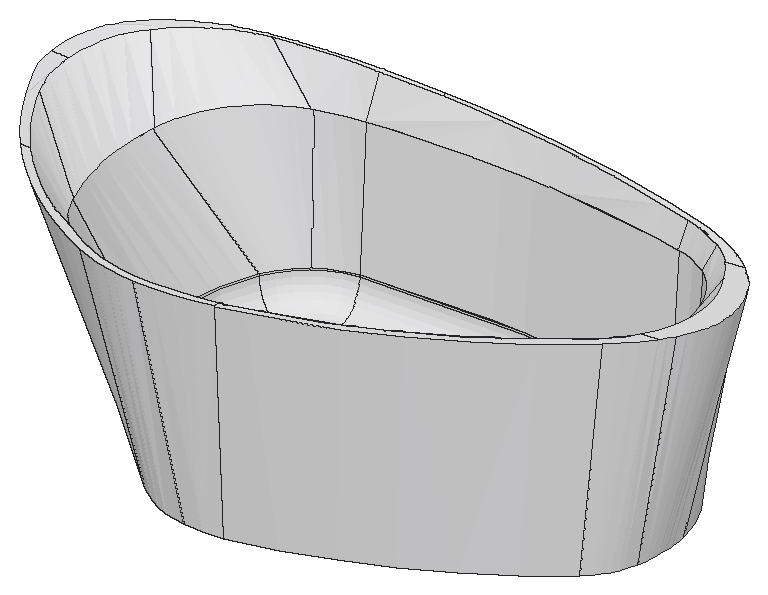
Revit family "Bath-Freestanding-KOHLER-Veil-K-8331A", category Plumbing Fixtures, host Face, Revit 2022
Family settings
  Host = Face
  Round Connector Dimension = Use Diameter
  Part Type = Normal
  OmniClass Number = 23.31.15.00
  Cut with Voids When Loaded = No
  Maintain Annotation Orientation = No
  Shared = No
  Room Calculation Point = No
Parameters (values of type "0-White")
  Width = 36 235/256"  # constant formula
  WaterSense Certified = 1 = 0  # no
  Waste Water Outlet = "Waste Water Outlet"  # constant formula
  Waste Connection = 1 = 1  # yes
  Vent Connection = 1 = 0  # no
  URL = "https://www.kohlerasiapacific.com/"
  Product Page URL = ""
  Product Name = "Veil"  # constant formula
  Product Documentation Link = ""
  Model = "K-8331A-0"  # constant formula
  Material = "Lithocast"  # constant formula
  Master Format 2014 Name = "Residential Bathtubs"  # constant formula
  Master Format 2014 = "22 41 19"  # constant formula
  Manufacturer Address = "No. 158 Jiang Chang San Road, Zhabei District, Shanghai, China"  # constant formula
  Manufacturer = "Kohler Co."  # constant formula
  Length = 65 99/256"  # constant formula
  Hot Water Inlet = "Hot Water Inlet"  # constant formula
  Height = 24 3/8"  # constant formula
  HW Connection = 1 = 0  # no
  Finish = Kohler-Lithocast-0-White
  Environmental Product Declaration = ""
  Drain Included = 1 = 1  # yes
  Description = "Lithocast Freestanding Bath Gloss"  # constant formula
  Default Elevation = 0"
  Declare Label = ""
  Date Modified = "03/08/2023"  # constant formula
  Date Created = "03/08/2023"  # constant formula
  Copyright = "Copyright Kohler Co."  # constant formula
  Contact Us = "https://www.kohlerasiapacific.com/contact-us"
  Cold Water Inlet = "Cold Water Inlet"  # constant formula
  CW Connection = 1 = 0  # no
  Assembly Code = "D2010500"
  ADA Compliant = 1 = 0  # no
Reference planes (in)
  plane 1 "Center (Front/Back)": y = 0
  plane 2: z = 0
  plane 3 "Center (Left/Right)": x = 0
  plane 4: x = 32.46063
  plane 5: x = -32.92609
  plane 6: y = 15.125
  plane 7: y = -21.79297
  plane 8: x = 16.58268
  plane 9: y = 1.10531
  plane 10: y = -3.33366
  plane 11: x = -23.86842
  plane 12: x = -19.26354
  plane 13: x = 27.27189
  plane 14: x = 28.06072
  plane 15: y = 13.61353
  plane 16: y = -18.5231
  plane 17: y = -20.09217
  plane 18: z = 0.3937
  plane 19: z = 0.11588
  plane 20: y = 12.8706
  plane 21: z = 24.375
Dimensions and locks (in)
  plane 8 to plane 4 = 15.87795"
  plane 9 to plane 6 = 14.01969"
  plane 17 to plane 15 = 33.70571"
  plane 11 to plane 14 = 51.92913"
  plane 12 to plane 13 = 46.53543"
  plane 4 to plane 5 = 65 99/256"
  plane 6 to plane 7 = 36 235/256"
  plane 20 to plane 16 = 31.3937"
  "Height": plane 21 to level
  "Length": plane 5 to plane 4
  "Width": plane 7 to plane 6
  aligned and locked: plane 2 to host face
  aligned and locked: level to host face
Automatic sketch dimensions
  host sketch curve to host sketch curve = 96"  (x2)
Nested families (in)
  nested 1: "K-8331A" at (0, 0, 0), type "K-8331A"
Connectors (in)
  piping at (16.58268, 1.10531, 0.11588), diameter 1.5, driven by "Waste Connection", driven by "Waste Water Outlet"
    settings: on nested 1, index 1, connector inside diameter 24", connector length 0", flow factor 0, pipe flow 0 GPM, pressure drop 0.00 psi, fitting loss kfactor 0, connector angle 0.00°, fixture units 0, engagement length 0", angle of deflection 0.00°, flow configuration 0, flow direction 2, fitting loss method 0, system type 16, joint type 0, gender type 0, connector reference index -1, connector utility 1, adjustable connector no, is connector primary yes, connector description "Waste Water Outlet"
Definition of nested family "K-8331A"
  Parameters (values of type "K-8331A")
    Material = none
    Default Elevation = 0"
  Reference planes (in)
    plane 1 "Center (Front/Back)": y = 0
    plane 2: z = 0
    plane 3 "Center (Left/Right)": x = 0
    plane 4: y = 15.125
    plane 5: y = -21.79232
    plane 6: x = 32.46063
    plane 7: x = -32.9252
    plane 8: x = 16.58268
    plane 9 "Drain": y = 1.10531
    plane 10: x = 26.98204
    plane 11: y = -18.5231
    plane 12: y = -20.09217
    plane 13: y = 13.61353
    plane 14: x = 28.06072
    plane 15: x = 27.27189
    plane 16: x = -23.86842
    plane 17: x = -19.26354
    plane 18: y = 12.8706
    plane 19: z = 24.37402
    plane 20: z = 1.45669
    plane 21: z = 19.16535
    plane 22: z = 3.27559
    plane 23: z = 21.69291
    plane 24: z = 0.11588
  Forms (in)
    Blend 1, solid, material <- "Material", detail levels medium+fine
      base sketch origin (-80.78691, -73.24896, 0) x (0.987688, 0.156434, 0) y (-0.156434, 0.987688, 0)
        loop
          arc (72.40817, 65.46089) -> (72.21134, 63.1722) -> (72.21789, 60.87507) r 25.92512
          arc (72.21789, 60.87507) -> (74.03802, 52.48226) -> (78.50008, 45.14454) r 25.92512
          arc (78.50008, 45.14454) -> (80.98865, 42.99074) -> (83.98819, 41.63628) r 11.41732
          arc (83.98819, 41.63628) -> (85.92448, 41.25787) -> (87.89701, 41.21844) r 11.41732
          arc (87.89701, 41.21844) -> (101.98186, 43.88566) -> (115.02152, 49.84085) r 59.56272
          arc (115.02152, 49.84085) -> (116.88332, 51.45587) -> (118.1192, 53.58829) r 7.48031
          arc (118.1192, 53.58829) -> (118.86545, 56.34747) -> (119.07363, 59.1982) r 14.96863
          arc (119.07363, 59.1982) -> (118.7793, 61.51176) -> (118.01437, 63.71496) r 11.25287
          arc (118.01437, 63.71496) -> (116.23932, 66.12756) -> (113.67618, 67.6773) r 7.67717
          arc (113.67618, 67.6773) -> (98.09727, 71.94688) -> (82.03716, 73.68025) r 101.07915
          arc (82.03716, 73.68025) -> (79.80655, 73.47606) -> (77.68668, 72.75255) r 9.44882
          arc (77.68668, 72.75255) -> (74.12331, 69.7757) -> (72.40817, 65.46089) r 9.44882
      top sketch origin (-80.78691, -73.24896, 0) x (0.987688, 0.156434, 0) y (-0.156434, 0.987688, 0)
        loop
          arc (63.20718, 72.76576) -> (59.20206, 68.07924) -> (58.69084, 61.93571) r 10.03937
          arc (58.69084, 61.93571) -> (64.3821, 49.76474) -> (74.51251, 40.93877) r 32.47781
          arc (74.51251, 40.93877) -> (77.34863, 39.70611) -> (80.37096, 39.05144) r 15.74803
          arc (80.37096, 39.05144) -> (84.34714, 38.78202) -> (88.33098, 38.88951) r 42.12967
          arc (88.33098, 38.88951) -> (103.73791, 42.07317) -> (117.81587, 49.096) r 60.92271
          arc (117.81587, 49.096) -> (120.22874, 50.96546) -> (122.37035, 53.14039) r 22.8061
          arc (122.37035, 53.14039) -> (124.51435, 58.81653) -> (122.50259, 64.54088) r 8.85827
          arc (122.50259, 64.54088) -> (120.88439, 66.19) -> (119.00131, 67.52872) r 13.08196
          arc (119.00131, 67.52872) -> (116.69713, 68.73072) -> (114.28685, 69.7026) r 26.65327
          arc (114.28685, 69.7026) -> (98.52898, 74.00458) -> (82.33336, 76.13045) r 120.20416
          arc (82.33336, 76.13045) -> (77.08596, 76.21314) -> (71.85377, 75.80541) r 56.13385
          arc (71.85377, 75.80541) -> (67.3676, 74.74889) -> (63.20718, 72.76576) r 21.6268
      from 0 to 24.58641
    Sweep 2, void
      path origin (8.10504, -59.16986, 0.875) x (-0.156434, 0.987688, 0) y (0, 0, 1)
        loop
          line (36.12827, 21.72931) -> (38.62827, 21.72931) -> (52.12622, 21.4937)
          arc (52.12622, 21.4937) -> (58.63608, 21.47345) -> (65.14385, 21.63992) r 226.9498
          arc (65.14385, 21.63992) -> (72.16893, 22.41819) -> (79.01521, 24.17485) r 50.22875
      profile origin (2.45333, -23.48639, 22.60431) x (0, 0, -1) y (0.987688, 0.156434, 0)
        loop
          line (0.61082, 35.32831) -> (-4.55764, 35.32831) -> (-4.55764, -34.35674) -> (-2.05764, -34.35674)
          arc (-2.05764, -34.35674) -> (-0.05741, -18.10285) -> (0.61082, -1.73998) r 200.67231
          line (0.61082, -1.73998) -> (0.61082, 35.32831)
    Blend 3, void
      base sketch origin (-0.81971, -2.82121, 0) x (0.987688, 0.156434, 0) y (-0.156434, 0.987688, 0)
        loop
          arc (-15.06104, -8.79703) -> (-12.32139, -11.9919) -> (-8.72513, -14.1782) r 13.38583
          arc (-8.72513, -14.1782) -> (-5.99406, -14.96934) -> (-3.1575, -15.1658) r 13.38583
          arc (-3.1575, -15.1658) -> (11.79655, -12.54474) -> (25.49337, -5.99563) r 55.88609
          arc (25.49337, -5.99563) -> (26.90089, -4.67951) -> (27.79033, -2.97007) r 5.70866
          arc (27.79033, -2.97007) -> (28.49148, 0.67979) -> (28.30212, 4.39157) r 15.47406
          arc (28.30212, 4.39157) -> (27.44572, 6.86007) -> (25.8456, 8.92562) r 8.07087
          arc (25.8456, 8.92562) -> (24.49751, 9.93868) -> (22.96834, 10.64951) r 8.07087
          arc (22.96834, 10.64951) -> (7.61286, 14.63928) -> (-8.17054, 16.24968) r 104.11788
          arc (-8.17054, 16.24968) -> (-10.13709, 16.05152) -> (-11.99234, 15.36988) r 7.87402
          arc (-11.99234, 15.36988) -> (-13.73954, 14.13799) -> (-15.09098, 12.48152) r 7.87402
          arc (-15.09098, 12.48152) -> (-17.59689, 6.25599) -> (-17.94371, -0.44598) r 20.36921
          arc (-17.94371, -0.44598) -> (-16.96058, -4.77967) -> (-15.06104, -8.79703) r 20.36921
      top sketch origin (-0.81971, -2.82121, 0) x (0.987688, 0.156434, 0) y (-0.156434, 0.987688, 0)
        loop
          arc (-19.50892, -9.84782) -> (-15.34032, -13.81502) -> (-10.03491, -16.04406) r 15.94488
          arc (-10.03491, -16.04406) -> (-5.33551, -16.67357) -> (-0.59673, -16.51659) r 28.54737
          arc (-0.59673, -16.51659) -> (13.28649, -13.22551) -> (26.03463, -6.8177) r 61.37344
          spline (26.03463, -6.8177) -> (26.3446, -6.60077) -> (26.64179, -6.36671) -> (26.92529, -6.11628) -> (27.19418, -5.85024) -> (27.44759, -5.56939) -> (27.68474, -5.27465) -> (27.90491, -4.96702) -> (28.10734, -4.64745) -> (28.29134, -4.31694) -> (28.45638, -3.97656) -> (28.60196, -3.62738) -> (28.72761, -3.27049)
          spline (28.72761, -3.27049) -> (28.91651, -2.63768) -> (29.07986, -1.99783) -> (29.21744, -1.35195) -> (29.32899, -0.70106) -> (29.41432, -0.04621) -> (29.47332, 0.61155) -> (29.50591, 1.27115) -> (29.51202, 1.93149) -> (29.4916, 2.59153) -> (29.44472, 3.25022) -> (29.37148, 3.90652) -> (29.27196, 4.5594)
          spline (29.27196, 4.5594) -> (29.17518, 5.04049) -> (29.0525, 5.51559) -> (28.90431, 5.98334) -> (28.731, 6.44238) -> (28.53302, 6.89136) -> (28.31101, 7.32897) -> (28.06568, 7.75393) -> (27.79772, 8.16495) -> (27.50789, 8.56077) -> (27.19703, 8.94031) -> (26.86606, 9.30253) -> (26.51586, 9.64638)
          spline (26.51586, 9.64638) -> (26.2808, 9.85742) -> (26.03853, 10.06013) -> (25.78935, 10.25427) -> (25.53356, 10.43961) -> (25.27147, 10.61592) -> (25.0034, 10.78298) -> (24.72965, 10.94056) -> (24.45056, 11.08849) -> (24.16648, 11.22661) -> (23.87776, 11.35476) -> (23.58474, 11.47278) -> (23.28777, 11.58049)
          spline (23.28777, 11.58049) -> (20.74976, 12.41515) -> (18.19132, 13.18493) -> (15.61415, 13.88943) -> (13.01993, 14.52829) -> (10.41033, 15.10111) -> (7.78703, 15.6075) -> (5.15172, 16.04708) -> (2.50608, 16.4195) -> (-0.14818, 16.72451) -> (-2.80935, 16.96197) -> (-5.4757, 17.13173) -> (-8.14553, 17.23361)
          arc (-8.14553, 17.23361) -> (-10.42386, 17.17381) -> (-12.68387, 16.87937) r 22.06966
          arc (-12.68387, 16.87937) -> (-18.71032, 13.84899) -> (-22.15211, 8.04766) r 12.00787
          arc (-22.15211, 8.04766) -> (-22.91207, 1.47865) -> (-21.88481, -5.0539) r 24.46278
          arc (-21.88481, -5.0539) -> (-20.89937, -7.55122) -> (-19.50892, -9.84782) r 15.94488
      from 6.30023 to 19.68134
    Sweep 4, void
      path origin (-0.81971, -2.82121, 0) x (0.987688, 0.156434, 0) y (-0.156434, 0.987688, 0)
        loop
          arc (-15.09098, 12.48152) -> (-18.07541, 1.83803) -> (-15.06104, -8.79703) r 20.36921
          arc (-15.06104, -8.79703) -> (-9.97096, -13.59195) -> (-3.1575, -15.1658) r 13.38583
          arc (-3.1575, -15.1658) -> (11.79655, -12.54474) -> (25.49337, -5.99563) r 55.88609
          arc (25.49337, -5.99563) -> (26.90089, -4.67951) -> (27.79033, -2.97007) r 5.70866
          arc (27.79033, -2.97007) -> (28.49148, 0.67979) -> (28.30212, 4.39157) r 15.47406
          arc (28.30212, 4.39157) -> (26.49192, 8.25071) -> (22.96834, 10.64951) r 8.07087
          arc (22.96834, 10.64951) -> (7.61286, 14.63928) -> (-8.17054, 16.24968) r 104.11788
          arc (-8.17054, 16.24968) -> (-12.13603, 15.29355) -> (-15.09098, 12.48152) r 7.87402
      profile origin (-18.96011, -3.83343, 0) x (0.987467, 0.157824, 0) y (0, 0, 1)
        loop
          line (3.75006, 3.0717) -> (3.75006, 6.30023) -> (0, 6.30023) -> (0, 6.14257)
          arc (0, 6.14257) -> (0.89944, 3.97114) -> (3.07087, 3.0717) r 3.07087
          line (3.07087, 3.0717) -> (3.75006, 3.0717)
    Extrusion 5, void
      sketch origin (-0.81971, -2.82121, 0) x (0.987688, 0.156434, 0) y (-0.156434, 0.987688, 0)
        loop
          arc (-11.89037, 10.52729) -> (-14.32535, 1.8433) -> (-11.86594, -6.83379) r 16.61915
          arc (-11.86594, -6.83379) -> (-8.20185, -10.28541) -> (-3.2972, -11.41834) r 9.63577
          arc (-3.2972, -11.41834) -> (10.65341, -8.97316) -> (23.43115, -2.86351) r 52.13602
          arc (23.43115, -2.86351) -> (23.91406, -2.41196) -> (24.21922, -1.82546) r 1.9586
          arc (24.21922, -1.82546) -> (24.75045, 0.93988) -> (24.60698, 3.75212) r 11.724
          arc (24.60698, 3.75212) -> (23.63787, 5.81815) -> (21.7515, 7.10236) r 4.32081
          arc (21.7515, 7.10236) -> (6.94908, 10.94843) -> (-8.26584, 12.50083) r 100.36782
          arc (-8.26584, 12.50083) -> (-10.34274, 12.00007) -> (-11.89037, 10.52729) r 4.12395
      from 3.0717 to 6.30023
    Extrusion 6, void, detail levels medium+fine
      sketch origin (-0.81971, -2.82121, 0) x (0.987688, 0.156434, 0) y (-0.156434, 0.987688, 0)
        loop
          arc (-16.99559, 3.86115) -> (-15.23073, -4.27675) -> (-10.90419, -11.39161) r 25.13772
          arc (-10.90419, -11.39161) -> (-8.58726, -13.39687) -> (-5.79458, -14.65791) r 10.62992
          arc (-5.79458, -14.65791) -> (-3.99182, -15.01023) -> (-2.15533, -15.04694) r 10.62992
          arc (-2.15533, -15.04694) -> (11.74332, -12.41498) -> (24.6106, -6.53851) r 58.77532
          arc (24.6106, -6.53851) -> (26.27642, -5.0935) -> (27.38221, -3.18554) r 6.69291
          arc (27.38221, -3.18554) -> (28.08921, -0.5715) -> (28.28643, 2.12926) r 14.18123
          arc (28.28643, 2.12926) -> (28.0127, 4.28094) -> (27.30129, 6.32997) r 10.46547
          arc (27.30129, 6.32997) -> (25.7083, 8.49512) -> (23.40805, 9.88592) r 6.88976
          arc (23.40805, 9.88592) -> (7.9505, 14.12224) -> (-7.98451, 15.84211) r 100.29175
          arc (-7.98451, 15.84211) -> (-10.02923, 15.65493) -> (-11.97245, 14.99171) r 8.66142
          arc (-11.97245, 14.99171) -> (-15.23887, 12.26293) -> (-16.81108, 8.30769) r 8.66142
          arc (-16.81108, 8.30769) -> (-17.00193, 6.08851) -> (-16.99559, 3.86115) r 25.13772
      from 0 to 2.31891
    Extrusion 7, void, detail levels medium+fine
      sketch origin (11.88751, -7.37883, 0) x (-0.601815, -0.798636, 0) y (0, 0, 1)
        loop
          line (-8.82228, 19.25) -> (-10.82228, 19.25)
          arc (-10.82228, 19.25) -> (-11.07228, 19) -> (-10.82228, 18.75) r 0.25
          line (-10.82228, 18.75) -> (-8.82228, 18.75)
          arc (-8.82228, 18.75) -> (-8.57228, 19) -> (-8.82228, 19.25) r 0.25
      from -11.18344 to -8.54181
    Revolve 8, solid, material <- "Material", detail levels medium+fine
      sketch origin (0, 1.10531, 0) x (-1, 0, 0) y (0, 0, 1)
        loop
          line (-16.58268, 3.32102) -> (-16.58268, 1.45669) -> (-15.58083, 1.45669) -> (-15.58083, 2.87104) -> (-14.28476, 2.87104)
          arc (-14.28476, 2.87104) -> (-14.13782, 3.00838) -> (-14.26493, 3.16425) r 0.14728
          arc (-14.26493, 3.16425) -> (-15.42115, 3.28178) -> (-16.58268, 3.32102) r 17.21194
        axis (-16.58268, 3.32102) -> (-16.58268, 1.45669)
      angle from 0 to 360
    Revolve 9, solid, material <- "Material", detail levels medium+fine
      sketch origin (0, 1.10531, 0) x (-1, 0, 0) y (0, 0, 1)
        loop
          line (-16.58268, 1.47465) -> (-16.58268, 0.22824) -> (-15.34328, 0.22824)
          arc (-15.34328, 0.22824) -> (-15.32889, 0.23348) -> (-15.32123, 0.24674) r 0.02239
          line (-15.32123, 0.24674) -> (-15.30769, 0.32355) -> (-15.24176, 0.32355)
          arc (-15.24176, 0.32355) -> (-15.22185, 0.3318) -> (-15.2136, 0.35172) r 0.02817
          line (-15.2136, 0.35172) -> (-15.2136, 0.56271) -> (-14.92812, 0.60283) -> (-14.92812, 0.72415) -> (-14.90418, 0.74808) -> (-14.90418, 0.8841) -> (-15.39535, 0.8841) -> (-15.39535, 1.47465) -> (-16.58268, 1.47465)
        axis (-16.58268, 0.22824) -> (-16.58268, 1.47465)
      angle from 0 to 360
    Revolve 10, void
      sketch origin (0, 1.10531, 0) x (-1, 0, 0) y (0, 0, 1)
        loop
          line (-16.58268, 3.0717) -> (-16.58268, 2.51288) -> (-14.50185, 2.51288)
          arc (-14.50185, 2.51288) -> (-14.41095, 2.53512) -> (-14.3406, 2.59682) r 0.19685
          line (-14.3406, 2.59682) -> (-14.16663, 2.84527)
          arc (-14.16663, 2.84527) -> (-13.97685, 3.0117) -> (-13.73166, 3.0717) r 0.531
          line (-13.73166, 3.0717) -> (-16.58268, 3.0717)
        axis (-16.58268, 2.51288) -> (-16.58268, 3.0717)
      angle from 0 to 360
    Revolve 11, solid, material <- "Material", detail levels medium+fine
      sketch origin (0, 1.10531, 0) x (-1, 0, 0) y (0, 0, 1)
        loop
          line (-16.58268, 2.31891) -> (-16.58268, 1.45669) -> (-14.51415, 1.45669)
          arc (-14.51415, 1.45669) -> (-14.18258, 1.58215) -> (-14.01712, 1.89567) r 0.50086
          arc (-14.01712, 1.89567) -> (-13.88804, 2.17149) -> (-13.62157, 2.31891) r 0.49319
          line (-13.62157, 2.31891) -> (-16.58268, 2.31891)
        axis (-16.58268, 1.45669) -> (-16.58268, 2.31891)
      angle from 0 to 360
    Sweep 12, solid, material <- "Material", detail levels medium+fine
      path origin (0, 0, 0) x (1, 0, 0) y (0, 1, 0)
        loop
          arc (26.29611, -3.62003) -> (25.59455, -3.65254) -> (24.94862, -3.37682) r 1.5748
          line (24.94862, -3.37682) -> (18.38921, 1.38888)
          arc (18.38921, 1.38888) -> (16.60196, 1.1058) -> (16.88503, -0.68144) r 1.27953
          line (16.88503, -0.68144) -> (23.41092, -5.42277)
          arc (23.41092, -5.42277) -> (23.78506, -5.98799) -> (23.69669, -6.66003) r 0.96788
      profile origin (20.14798, -3.05211, 0) x (0.587785, 0.809017, 0) y (0, 0, 1)
        loop
          line (0.70247, 1.45669) -> (1.07972, 1.45669) -> (1.07972, 2.40375) -> (-0.35162, 2.40375)
          arc (-0.35162, 2.40375) -> (-0.05101, 2.25124) -> (0.10688, 1.95342) r 0.55787
          arc (0.10688, 1.95342) -> (0.3147, 1.59717) -> (0.70247, 1.45669) r 0.60544
    Extrusion 13, void
      sketch origin (0, 0, 0) x (1, 0, 0) y (0, 1, 0)
        loop
          line (23.4395, -6.77454) -> (24.83144, -8.16648) -> (27.85295, -5.14497) -> (26.46101, -3.75303) -> (23.4395, -6.77454)
      from 0.91988 to 2.87104
    Extrusion 14, solid, material <- "Material", detail levels medium+fine
      sketch origin (0, 0, 0) x (1, 0, 0) y (0, 1, 0)
        loop
          arc (24.04556, -4.54926) -> (24.46375, -4.95576) -> (24.75038, -5.46366) r 2.0476
          line (24.75038, -5.46366) -> (25.48538, -4.72866)
          arc (25.48538, -4.72866) -> (24.87076, -4.56031) -> (24.31398, -4.25033) r 2.65452
          line (24.31398, -4.25033) -> (17.65727, 0.58605)
          arc (17.65727, 0.58605) -> (17.37818, 0.54185) -> (17.42238, 0.26276) r 0.19981
          line (17.42238, 0.26276) -> (24.04556, -4.54926)
      from 1.45669 to 2.31891
    Blend 15, solid, material <- "Material", detail levels coarse
      base sketch origin (0, 0, 0) x (1, 0, 0) y (0, 1, 0)
        loop
          arc (-11.33947, 14.43203) -> (-16.49876, 13.698) -> (-21.56695, 12.48537) r 55.74015
          arc (-21.56695, 12.48537) -> (-25.75496, 10.77184) -> (-29.48477, 8.20979) r 21.2331
          arc (-29.48477, 8.20979) -> (-32.58107, 3.16053) -> (-32.14282, -2.74624) r 9.64567
          arc (-32.14282, -2.74624) -> (-24.70889, -13.74214) -> (-13.46054, -20.78823) r 32.08411
          arc (-13.46054, -20.78823) -> (-10.54136, -21.54271) -> (-7.53102, -21.71217) r 15.35433
          arc (-7.53102, -21.71217) -> (-3.59874, -21.35959) -> (0.28263, -20.63703) r 41.73597
          arc (0.28263, -20.63703) -> (14.90671, -15.11828) -> (27.62998, -6.0387) r 60.52901
          arc (27.62998, -6.0387) -> (29.6846, -3.85319) -> (31.42897, -1.41288) r 22.4124
          arc (31.42897, -1.41288) -> (32.60398, 4.2647) -> (29.84961, 9.36656) r 8.46457
          arc (29.84961, 9.36656) -> (28.04922, 10.70084) -> (26.04218, 11.69758) r 12.68826
          arc (26.04218, 11.69758) -> (23.61473, 12.51211) -> (21.11949, 13.08636) r 26.25957
          arc (21.11949, 13.08636) -> (4.93583, 14.86446) -> (-11.33947, 14.43203) r 119.81046
      top sketch origin (0, 0, 0) x (1, 0, 0) y (0, 1, 0)
        loop
          spline (-15.06878, 10.48342) -> (-15.3516, 10.26495) -> (-15.62422, 10.03388) -> (-15.88608, 9.79067) -> (-16.13663, 9.53583) -> (-16.37535, 9.26988) -> (-16.60177, 8.99338) -> (-16.8154, 8.70689) -> (-17.01581, 8.411) -> (-17.2026, 8.10632) -> (-17.37536, 7.79347) -> (-17.53375, 7.47311) -> (-17.67744, 7.1459)
          spline (-17.67744, 7.1459) -> (-18.07688, 6.09586) -> (-18.41783, 5.02538) -> (-18.69923, 3.93772) -> (-18.92022, 2.8362) -> (-19.0802, 1.72418) -> (-19.1786, 0.60502) -> (-19.21515, -0.51787) -> (-19.18972, -1.64105) -> (-19.1023, -2.76111) -> (-18.95332, -3.87466) -> (-18.74329, -4.97832) -> (-18.47274, -6.06871)
          spline (-18.47274, -6.06871) -> (-18.2612, -6.77999) -> (-18.02389, -7.48309) -> (-17.76113, -8.17709) -> (-17.47326, -8.86105) -> (-17.16067, -9.53407) -> (-16.82378, -10.19525) -> (-16.46302, -10.84373) -> (-16.07889, -11.47864) -> (-15.67188, -12.09913) -> (-15.24254, -12.70439) -> (-14.79144, -13.2936) -> (-14.31917, -13.866)
          spline (-14.31917, -13.866) -> (-13.84721, -14.38875) -> (-13.34842, -14.88597) -> (-12.82415, -15.35625) -> (-12.27587, -15.79831) -> (-11.70512, -16.21094) -> (-11.11345, -16.59297) -> (-10.5025, -16.94335) -> (-9.87397, -17.2611) -> (-9.22958, -17.54531) -> (-8.57114, -17.79526) -> (-7.90049, -18.01029) -> (-7.21947, -18.18976)
          spline (-7.21947, -18.18976) -> (-6.75549, -18.29038) -> (-6.28824, -18.37449) -> (-5.8183, -18.44197) -> (-5.34626, -18.49274) -> (-4.87272, -18.52675) -> (-4.39826, -18.54393) -> (-3.9235, -18.54429) -> (-3.44903, -18.52781) -> (-2.97543, -18.49451) -> (-2.50332, -18.44443) -> (-2.03328, -18.37765) -> (-1.5659, -18.29424)
          spline (-1.5659, -18.29424) -> (0.91252, -17.74769) -> (3.36357, -17.08919) -> (5.78219, -16.32006) -> (8.16338, -15.44191) -> (10.50229, -14.45661) -> (12.79403, -13.36612) -> (15.03391, -12.1727) -> (17.21727, -10.8788) -> (19.33957, -9.48702) -> (21.39653, -8.00036) -> (23.38398, -6.42197) -> (25.29771, -4.75499)
          spline (25.29771, -4.75499) -> (25.52989, -4.53093) -> (25.74904, -4.29411) -> (25.95445, -4.04528) -> (26.14548, -3.78524) -> (26.32152, -3.51484) -> (26.482, -3.23491) -> (26.6264, -2.94636) -> (26.75428, -2.65011) -> (26.86521, -2.34711) -> (26.95885, -2.03832) -> (27.03489, -1.72473) -> (27.09309, -1.40735)
          spline (27.09309, -1.40735) -> (27.17544, -0.79195) -> (27.23304, -0.17374) -> (27.26579, 0.44628) -> (27.27364, 1.06712) -> (27.25659, 1.68778) -> (27.21464, 2.30726) -> (27.14788, 2.92456) -> (27.05641, 3.53868) -> (26.94035, 4.14863) -> (26.79993, 4.75344) -> (26.63539, 5.35212) -> (26.44697, 5.94371)
          spline (26.44697, 5.94371) -> (26.29473, 6.35372) -> (26.12051, 6.75487) -> (25.92481, 7.14599) -> (25.7082, 7.52593) -> (25.47135, 7.89359) -> (25.21493, 8.24788) -> (24.9397, 8.58776) -> (24.64645, 8.91222) -> (24.33604, 9.22029) -> (24.00941, 9.51111) -> (23.66754, 9.78384) -> (23.31141, 10.03766)
          spline (23.31141, 10.03766) -> (23.07508, 10.19067) -> (22.83355, 10.33536) -> (22.58712, 10.47153) -> (22.33609, 10.59902) -> (22.08077, 10.71768) -> (21.82147, 10.82736) -> (21.5585, 10.92793) -> (21.29218, 11.01926) -> (21.02283, 11.10126) -> (20.75079, 11.1738) -> (20.47639, 11.23682) -> (20.19995, 11.29022)
          spline (20.19995, 11.29022) -> (17.58732, 11.71366) -> (14.96478, 12.07056) -> (12.334, 12.36068) -> (9.69671, 12.58384) -> (7.05459, 12.7399) -> (4.40936, 12.82874) -> (1.76273, 12.85032) -> (-0.8836, 12.80462) -> (-3.52791, 12.69164) -> (-6.16849, 12.5115) -> (-8.80365, 12.26432) -> (-11.43167, 11.95025)
          spline (-11.43167, 11.95025) -> (-11.75809, 11.90003) -> (-12.08211, 11.83618) -> (-12.40318, 11.75879) -> (-12.72071, 11.668) -> (-13.03417, 11.56398) -> (-13.34298, 11.44691) -> (-13.64662, 11.31699) -> (-13.94454, 11.17442) -> (-14.23622, 11.01949) -> (-14.52116, 10.85248) -> (-14.79885, 10.67369) -> (-15.06878, 10.48342)
      from 24.37008 to 0
    Blend 16, void
      base sketch origin (0, 0, 0) x (1, 0, 0) y (0, 1, 0)
        loop
          arc (-28.20366, 6.71521) -> (-30.66806, 2.69642) -> (-30.31925, -2.00489) r 7.67717
          arc (-30.31925, -2.00489) -> (-23.34143, -12.32614) -> (-12.78321, -18.93993) r 30.1156
          arc (-12.78321, -18.93993) -> (-10.23829, -19.59767) -> (-7.61389, -19.74541) r 13.38583
          arc (-7.61389, -19.74541) -> (-3.86708, -19.40946) -> (-0.16877, -18.72098) r 39.76747
          arc (-0.16877, -18.72098) -> (13.97971, -13.38171) -> (26.2892, -4.59741) r 58.56051
          arc (26.2892, -4.59741) -> (28.16336, -2.60386) -> (29.75452, -0.37788) r 20.44389
          arc (29.75452, -0.37788) -> (30.65627, 3.97933) -> (28.54245, 7.89471) r 6.49606
          arc (28.54245, 7.89471) -> (27.02138, 9.02199) -> (25.32572, 9.86408) r 10.71976
          arc (25.32572, 9.86408) -> (23.08024, 10.61756) -> (20.77205, 11.14876) r 24.29106
          arc (20.77205, 11.14876) -> (4.85429, 12.89765) -> (-11.1536, 12.47232) r 117.84195
          arc (-11.1536, 12.47232) -> (-16.13069, 11.76422) -> (-21.01989, 10.5944) r 53.77165
          arc (-21.01989, 10.5944) -> (-24.81963, 9.03973) -> (-28.20366, 6.71521) r 19.2646
      top sketch origin (0, 0, 0) x (1, 0, 0) y (0, 1, 0)
        loop
          spline (-17.3347, -5.7527) -> (-17.13541, -6.42273) -> (-16.91186, -7.08506) -> (-16.66434, -7.73881) -> (-16.39318, -8.38311) -> (-16.0987, -9.0171) -> (-15.78133, -9.63995) -> (-15.4415, -10.25083) -> (-15.07965, -10.84893) -> (-14.69623, -11.43343) -> (-14.29178, -12.00359) -> (-13.86685, -12.55864) -> (-13.42197, -13.09785)
          spline (-13.42197, -13.09785) -> (-12.99162, -13.57439) -> (-12.53675, -14.02761) -> (-12.05871, -14.45636) -> (-11.55886, -14.85948) -> (-11.03854, -15.23582) -> (-10.49911, -15.58421) -> (-9.94198, -15.90359) -> (-9.36877, -16.19319) -> (-8.78115, -16.45232) -> (-8.18082, -16.68031) -> (-7.56945, -16.87647) -> (-6.94872, -17.04011)
          spline (-6.94872, -17.04011) -> (-6.52568, -17.13185) -> (-6.09965, -17.20852) -> (-5.67118, -17.27006) -> (-5.24079, -17.31636) -> (-4.80903, -17.34735) -> (-4.37644, -17.36302) -> (-3.94357, -17.36335) -> (-3.51096, -17.34833) -> (-3.07916, -17.31796) -> (-2.6487, -17.2723) -> (-2.22013, -17.21142) -> (-1.79399, -17.13537)
          spline (-1.79399, -17.13537) -> (0.63201, -16.60029) -> (3.03124, -15.95561) -> (5.39877, -15.2028) -> (7.72967, -14.34332) -> (10.01907, -13.37875) -> (12.26233, -12.31126) -> (14.4549, -11.14314) -> (16.59218, -9.87667) -> (18.66969, -8.5143) -> (20.68323, -7.05902) -> (22.62867, -5.51396) -> (24.50188, -3.88226)
          spline (24.50188, -3.88226) -> (24.68598, -3.70457) -> (24.85978, -3.51673) -> (25.02271, -3.31938) -> (25.17425, -3.11315) -> (25.31385, -2.89867) -> (25.44112, -2.67666) -> (25.55566, -2.44782) -> (25.6571, -2.21286) -> (25.74506, -1.97252) -> (25.81931, -1.72759) -> (25.87963, -1.47889) -> (25.9258, -1.22724)
          spline (25.9258, -1.22724) -> (26.00185, -0.65882) -> (26.05504, -0.08779) -> (26.0853, 0.48491) -> (26.09257, 1.05837) -> (26.0768, 1.63164) -> (26.03806, 2.20381) -> (25.9764, 2.77399) -> (25.89193, 3.34125) -> (25.78472, 3.90469) -> (25.65501, 4.46337) -> (25.50302, 5.01636) -> (25.329, 5.56274)
          spline (25.329, 5.56274) -> (25.19902, 5.9127) -> (25.05027, 6.25515) -> (24.88321, 6.58905) -> (24.69834, 6.91341) -> (24.49616, 7.22723) -> (24.27728, 7.52963) -> (24.04235, 7.81977) -> (23.79201, 8.09678) -> (23.52695, 8.35984) -> (23.24803, 8.60816) -> (22.95618, 8.84099) -> (22.6523, 9.05757)
          spline (22.6523, 9.05757) -> (22.45055, 9.18818) -> (22.24435, 9.31168) -> (22.03399, 9.42792) -> (21.8197, 9.53676) -> (21.60175, 9.63806) -> (21.3804, 9.7317) -> (21.15591, 9.81754) -> (20.92856, 9.8955) -> (20.69863, 9.96548) -> (20.4664, 10.02742) -> (20.23216, 10.08123) -> (19.99618, 10.12683)
          spline (19.99618, 10.12683) -> (17.41319, 10.54546) -> (14.82039, 10.8983) -> (12.21946, 11.18515) -> (9.61208, 11.4058) -> (6.99994, 11.56004) -> (4.38471, 11.64774) -> (1.7681, 11.66893) -> (-0.84821, 11.62367) -> (-3.46253, 11.51203) -> (-6.07317, 11.33406) -> (-8.67842, 11.08982) -> (-11.27661, 10.77937)
          spline (-11.27661, 10.77937) -> (-11.55403, 10.73668) -> (-11.82943, 10.68237) -> (-12.10232, 10.61659) -> (-12.37224, 10.53944) -> (-12.6387, 10.45104) -> (-12.90124, 10.35153) -> (-13.15938, 10.24103) -> (-13.41266, 10.1198) -> (-13.66063, 9.98808) -> (-13.90283, 9.84613) -> (-14.13883, 9.6942) -> (-14.36816, 9.53256)
          spline (-14.36816, 9.53256) -> (-14.60855, 9.34686) -> (-14.84027, 9.15044) -> (-15.06285, 8.94372) -> (-15.27582, 8.72711) -> (-15.47873, 8.50105) -> (-15.67118, 8.26602) -> (-15.85277, 8.0225) -> (-16.02313, 7.771) -> (-16.18189, 7.51202) -> (-16.32873, 7.2461) -> (-16.46337, 6.9738) -> (-16.58552, 6.69567)
          spline (-16.58552, 6.69567) -> (-16.96167, 5.7065) -> (-17.2827, 4.69803) -> (-17.54779, 3.6734) -> (-17.75614, 2.63578) -> (-17.90694, 1.5883) -> (-17.99961, 0.53412) -> (-18.03401, -0.52358) -> (-18.01008, -1.58163) -> (-17.92778, -2.63683) -> (-17.78742, -3.68595) -> (-17.58954, -4.72567) -> (-17.3347, -5.7527)
      from 24.37008 to 3.49087
    Blend 17, void
      base sketch origin (0, 0, 0) x (1, 0, 0) y (0, 1, 0)
        loop
          arc (-18.40876, -15.46041) -> (-13.72937, -18.68633) -> (-8.20958, -20.04104) r 15.74803
          arc (-8.20958, -20.04104) -> (-3.50225, -19.92844) -> (1.12153, -19.03826) r 28.35052
          arc (1.12153, -19.03826) -> (14.27665, -13.63328) -> (25.82827, -5.33681) r 61.17659
          spline (25.82827, -5.33681) -> (26.09247, -5.08181) -> (26.34183, -4.81231) -> (26.57558, -4.52918) -> (26.79296, -4.23331) -> (26.99325, -3.92559) -> (27.17585, -3.60704) -> (27.3402, -3.2787) -> (27.48574, -2.94161) -> (27.61195, -2.59683) -> (27.71848, -2.24545) -> (27.80502, -1.88861) -> (27.87128, -1.52743)
          spline (27.87128, -1.52743) -> (27.95781, -0.8807) -> (28.01833, -0.23104) -> (28.05275, 0.42053) -> (28.06102, 1.07296) -> (28.04307, 1.72521) -> (27.99898, 2.37622) -> (27.92884, 3.02494) -> (27.83273, 3.6703) -> (27.71079, 4.31126) -> (27.56323, 4.94682) -> (27.39031, 5.57596) -> (27.19228, 6.1977)
          spline (27.19228, 6.1977) -> (27.02516, 6.64771) -> (26.83392, 7.08798) -> (26.61915, 7.51726) -> (26.38144, 7.93428) -> (26.12144, 8.3378) -> (25.83996, 8.72665) -> (25.53788, 9.09972) -> (25.21608, 9.45584) -> (24.87545, 9.79394) -> (24.51701, 10.11309) -> (24.14179, 10.41242) -> (23.75082, 10.69105)
          spline (23.75082, 10.69105) -> (23.49142, 10.85898) -> (23.22632, 11.01776) -> (22.95584, 11.16721) -> (22.68033, 11.30715) -> (22.40011, 11.4374) -> (22.11551, 11.5578) -> (21.82688, 11.66816) -> (21.53458, 11.76839) -> (21.23895, 11.85837) -> (20.94037, 11.938) -> (20.6392, 12.00719) -> (20.3358, 12.06582)
          spline (20.3358, 12.06582) -> (17.7034, 12.49245) -> (15.06102, 12.85204) -> (12.41035, 13.14438) -> (9.75311, 13.36924) -> (7.09103, 13.52643) -> (4.42581, 13.61581) -> (1.75917, 13.63741) -> (-0.90716, 13.59129) -> (-3.57147, 13.47751) -> (-6.23203, 13.29614) -> (-8.88713, 13.04723) -> (-11.53504, 12.73084)
          arc (-11.53504, 12.73084) -> (-13.75598, 12.31907) -> (-15.9226, 11.68045) r 21.87281
          arc (-15.9226, 11.68045) -> (-21.311, 7.80916) -> (-23.76203, 1.6436) r 11.81102
          arc (-23.76203, 1.6436) -> (-23.48725, -4.91025) -> (-21.46711, -11.15105) r 24.26593
          arc (-21.46711, -11.15105) -> (-20.11998, -13.43492) -> (-18.40876, -15.46041) r 15.74803
      top sketch origin (0, 0, 0) x (1, 0, 0) y (0, 1, 0)
        loop
          arc (27.95177, -6.38461) -> (30.0497, -4.15303) -> (31.83084, -1.66128) r 22.88484
          arc (31.83084, -1.66128) -> (33.07143, 4.33319) -> (30.16333, 9.71981) r 8.93701
          arc (30.16333, 9.71981) -> (28.2959, 11.10377) -> (26.21413, 12.13761) r 13.1607
          arc (26.21413, 12.13761) -> (23.74301, 12.9668) -> (21.20288, 13.55139) r 26.73201
          arc (21.20288, 13.55139) -> (4.9554, 15.3365) -> (-11.38408, 14.90236) r 120.2829
          arc (-11.38408, 14.90236) -> (-16.5871, 14.16211) -> (-21.69824, 12.9392) r 56.21259
          arc (-21.69824, 12.9392) -> (-25.97944, 11.18754) -> (-29.79224, 8.56849) r 21.70554
          arc (-29.79224, 8.56849) -> (-33.04019, 3.27192) -> (-32.58048, -2.92417) r 10.11811
          arc (-32.58048, -2.92417) -> (-25.03709, -14.08197) -> (-13.6231, -21.23182) r 32.55655
          arc (-13.6231, -21.23182) -> (-10.6141, -22.00951) -> (-7.51113, -22.18419) r 15.82677
          arc (-7.51113, -22.18419) -> (-3.53434, -21.82762) -> (0.39096, -21.09688) r 42.20841
          arc (0.39096, -21.09688) -> (15.12919, -15.53506) -> (27.95177, -6.38461) r 61.00145
      from 19.47225 to 24.84574
  Cuts and joins
    Sweep 2, Blend 3, Sweep 4, Extrusion 5, Extrusion 6, Extrusion 7, Revolve 10, Blend 17 cuts Blend 1
    Revolve 10 cuts Revolve 9
    Revolve 10 cuts Revolve 11
    Revolve 10, Extrusion 13 cuts Sweep 12
    Revolve 10 cuts Extrusion 14
    joined: Blend 1, Revolve 9, Revolve 11, Sweep 12, Extrusion 14
    Sweep 2, Blend 16 cuts Blend 15
  Lines and regions (in)
    Masking region 1
      outline origin (0, 0, 0) x (1, 0, 0) y (0, 0, 1)
        loop
          line (-19.18579, 0) -> (28.23365, 0) -> (32.46063, 21.74594)
          spline (32.46063, 21.74594) -> (32.33954, 21.75045) -> (32.20565, 21.75536) -> (32.05917, 21.76068) -> (31.90035, 21.76641) -> (31.72943, 21.77251) -> (31.54671, 21.779) -> (31.35247, 21.78586) -> (31.14704, 21.79307) -> (30.93075, 21.80063) -> (30.70396, 21.80852) -> (30.46703, 21.81673) -> (30.22035, 21.82524)
          spline (30.22035, 21.82524) -> (30.00159, 21.83202) -> (29.77936, 21.83888) -> (29.55374, 21.84582) -> (29.32481, 21.85283) -> (29.09264, 21.85993) -> (28.85731, 21.86709) -> (28.6189, 21.87433) -> (28.37748, 21.88163) -> (28.13315, 21.889) -> (27.88597, 21.89643) -> (27.63604, 21.90392) -> (27.38344, 21.91147)
          spline (27.38344, 21.91147) -> (27.08403, 21.92045) -> (26.78144, 21.92992) -> (26.4756, 21.93976) -> (26.16666, 21.94998) -> (25.85476, 21.96058) -> (25.54004, 21.97155) -> (25.22264, 21.98288) -> (24.9027, 21.99456) -> (24.58037, 22.00661) -> (24.2558, 22.019) -> (23.92913, 22.03173) -> (23.60051, 22.0448)
          spline (23.60051, 22.0448) -> (21.22462, 22.13431) -> (18.83767, 22.23612) -> (16.44049, 22.34774) -> (14.03395, 22.4667) -> (11.61889, 22.59051) -> (9.19622, 22.71684) -> (6.76699, 22.84368) -> (4.33223, 22.96904) -> (1.893, 23.09096) -> (-0.54965, 23.20747) -> (-2.99481, 23.31685) -> (-5.44177, 23.41768)
          spline (-5.44177, 23.41768) -> (-5.73727, 23.42942) -> (-6.03276, 23.44145) -> (-6.32823, 23.45379) -> (-6.62368, 23.46642) -> (-6.91911, 23.47935) -> (-7.21452, 23.49258) -> (-7.5099, 23.50611) -> (-7.80526, 23.51993) -> (-8.10058, 23.53405) -> (-8.39588, 23.54846) -> (-8.69114, 23.56318) -> (-8.98637, 23.57819)
          arc (-8.98637, 23.57819) -> (-16.69295, 24.05549) -> (-24.40926, 24.33454) r 300.3671
          arc (-24.40926, 24.33454) -> (-27.7991, 24.37402) -> (-31.18893, 24.33452) r 145.51541
          arc (-31.18893, 24.33452) -> (-31.91576, 24.3227) -> (-32.64268, 24.32112) r 51.60009
          line (-32.64268, 24.32112) -> (-32.83433, 24.32242)
          arc (-32.83433, 24.32242) -> (-32.91322, 24.27429) -> (-32.91293, 24.18188) r 0.09412
          line (-32.91293, 24.18188) -> (-19.18579, 0)
    Masking region 2
      outline origin (0, 0, 0) x (0, 1, 0) y (0, 0, 1)
        loop
          arc (-11.65816, 23.20257) -> (-16.22001, 22.79662) -> (-20.7707, 22.28042) r 189.28887
          arc (-20.7707, 22.28042) -> (-21.20728, 22.21413) -> (-21.63988, 22.12557) r 8.61541
          arc (-21.63988, 22.12557) -> (-21.7562, 22.04745) -> (-21.79109, 21.91175) r 0.19685
          line (-21.79109, 21.91175) -> (-19.32246, 0) -> (13.00788, 0) -> (15.125, 23.27547)
          arc (15.125, 23.27547) -> (15.03801, 23.51693) -> (14.84429, 23.68529) r 0.50923
          arc (14.84429, 23.68529) -> (14.06288, 23.99441) -> (13.24076, 24.16843) r 5.00489
          arc (13.24076, 24.16843) -> (11.94647, 24.30069) -> (10.6475, 24.37402) r 28.63664
          arc (10.6475, 24.37402) -> (4.7809, 24.2217) -> (-1.07949, 23.91169) r 218.23766
          spline (-1.07949, 23.91169) -> (-2.04202, 23.84774) -> (-2.99263, 23.78448) -> (-3.93045, 23.72198) -> (-4.85461, 23.66029) -> (-5.76429, 23.59947) -> (-6.65864, 23.53957) -> (-7.53684, 23.48065) -> (-8.3981, 23.42276) -> (-9.24162, 23.36596) -> (-10.06664, 23.31029) -> (-10.8724, 23.25581) -> (-11.65816, 23.20257)
    Masking region 3
      outline origin (0, 0, 0) x (1, 0, 0) y (0, 1, 0)
        loop
          arc (-13.30387, -20.73157) -> (-6.47175, -21.79327) -> (0.36562, -20.766) r 22.88451
          spline (0.36562, -20.766) -> (2.88308, -20.1138) -> (5.37027, -19.35431) -> (7.82262, -18.48892) -> (10.23563, -17.51923) -> (12.60485, -16.44702) -> (14.92594, -15.27426) -> (17.19462, -14.00311) -> (19.40673, -12.6359) -> (21.55819, -11.17515) -> (23.64507, -9.62354) -> (25.66352, -7.98392) -> (27.60982, -6.2593)
          arc (27.60982, -6.2593) -> (29.55812, -4.06245) -> (31.22557, -1.64549) r 24.16352
          arc (31.22557, -1.64549) -> (32.38333, 3.93953) -> (29.78482, 9.017) r 8.58296
          arc (29.78482, 9.017) -> (28.06231, 10.44936) -> (26.16773, 11.64489) r 17.14469
          spline (26.16773, 11.64489) -> (25.76897, 11.83135) -> (25.36617, 12.00888) -> (24.95952, 12.1774) -> (24.54922, 12.33682) -> (24.13548, 12.48706) -> (23.7185, 12.62805) -> (23.29849, 12.75971) -> (22.87565, 12.882) -> (22.4502, 12.99483) -> (22.02235, 13.09816) -> (21.5923, 13.19193) -> (21.16027, 13.27611)
          arc (21.16027, 13.27611) -> (11.03158, 14.66183) -> (0.81903, 15.125) r 112.8201
          arc (0.81903, 15.125) -> (-3.36667, 15.09806) -> (-7.55167, 15.01724) r 325.16724
          spline (-7.55167, 15.01724) -> (-7.89258, 14.99609) -> (-8.23342, 14.97401) -> (-8.57418, 14.95101) -> (-8.91486, 14.92708) -> (-9.25547, 14.90223) -> (-9.59598, 14.87645) -> (-9.93641, 14.84974) -> (-10.27675, 14.82211) -> (-10.617, 14.79356) -> (-10.95715, 14.76408) -> (-11.2972, 14.73367) -> (-11.63714, 14.70234)
          spline (-11.63714, 14.70234) -> (-12.47577, 14.6148) -> (-13.31297, 14.51462) -> (-14.14854, 14.40182) -> (-14.98231, 14.27643) -> (-15.81407, 14.13848) -> (-16.64364, 13.988) -> (-17.47084, 13.82501) -> (-18.29547, 13.64957) -> (-19.11734, 13.46171) -> (-19.93628, 13.26147) -> (-20.75209, 13.04889) -> (-21.56459, 12.82403)
          arc (-21.56459, 12.82403) -> (-25.81129, 11.08579) -> (-29.5712, 8.45537) r 20.71734
          arc (-29.5712, 8.45537) -> (-32.69236, 3.2254) -> (-32.08811, -2.83505) r 9.71854
          arc (-32.08811, -2.83505) -> (-29.59124, -7.57133) -> (-26.35237, -11.83472) r 32.58019
          spline (-26.35237, -11.83472) -> (-25.44434, -12.80529) -> (-24.49831, -13.73765) -> (-23.51505, -14.63124) -> (-22.49679, -15.48454) -> (-21.44539, -16.29639) -> (-20.36255, -17.06572) -> (-19.25001, -17.79147) -> (-18.1095, -18.47265) -> (-16.94274, -19.10826) -> (-15.75161, -19.69728) -> (-14.53837, -20.23852) -> (-13.30387, -20.73157)
    symbolic lines, detail levels medium+fine
      curve 1: line (-12.75318, 0, 22.35594) -> (0.27886, 0, 21.98649)
      curve 2: spline (0.27886, 0, 21.98649) -> (2.76385, 0, 21.9842) -> (5.22455, 0, 21.98005) -> (7.65662, 0, 21.97405) -> (10.05578, 0, 21.96621) -> (12.41779, 0, 21.95655) -> (14.73849, 0, 21.94508) -> (17.0138, 0, 21.93183) -> (19.23971, 0, 21.91681) -> (21.41228, 0, 21.90005) -> (23.52769, 0, 21.88159) -> (25.58221, 0, 21.86144) -> (27.57222, 0, 21.83966)
      curve 3: spline (-5.10798, 0, 22.97645) -> (-6.51844, 0, 23.02054) -> (-7.92802, 0, 23.07085) -> (-9.33647, 0, 23.12739) -> (-10.74352, 0, 23.19014) -> (-12.1489, 0, 23.25908) -> (-13.55235, 0, 23.33421) -> (-14.9536, 0, 23.41551) -> (-16.35239, 0, 23.50296) -> (-17.74845, 0, 23.59655) -> (-19.14153, 0, 23.69626) -> (-20.53135, 0, 23.80208) -> (-21.91765, 0, 23.91397)
      curve 4: line (24.65395, 0, 21.9134) -> (-5.10798, 0, 22.97645)
      curve 5: line (27.57222, 0, 21.83966) -> (32.45885, 0, 21.73644)
      curve 6: line (24.65395, 0, 21.9134) -> (32.45885, 0, 21.73644)
      curve 7: spline (0, -20.56883, 21.98521) -> (0, -20.0106, 21.98196) -> (0, -19.36039, 21.97705) -> (0, -18.61924, 21.9705) -> (0, -17.7883, 21.96232) -> (0, -16.86888, 21.95251) -> (0, -15.86243, 21.94111) -> (0, -14.77053, 21.92811) -> (0, -13.59488, 21.91355) -> (0, -12.33735, 21.89745) -> (0, -10.9999, 21.87982) -> (0, -9.58463, 21.86071) -> (0, -8.09378, 21.84014)
      curve 8: spline (0, -8.09378, 21.84014) -> (0, -7.71659, 21.83484) -> (0, -7.32386, 21.82923) -> (0, -6.9161, 21.82332) -> (0, -6.49382, 21.81713) -> (0, -6.05756, 21.81065) -> (0, -5.60791, 21.80389) -> (0, -5.14542, 21.79687) -> (0, -4.6707, 21.7896) -> (0, -4.18436, 21.78207) -> (0, -3.68703, 21.77431) -> (0, -3.17934, 21.76632) -> (0, -2.66196, 21.75812)
      curve 9: spline (0, 7.94535, 21.82286) -> (0, 7.34685, 21.80291) -> (0, 6.69474, 21.7849) -> (0, 5.9953, 21.76901) -> (0, 5.25528, 21.75539) -> (0, 4.4818, 21.74416) -> (0, 3.68233, 21.73545) -> (0, 2.86456, 21.72933) -> (0, 2.03638, 21.72587) -> (0, 1.20577, 21.72509) -> (0, 0.38074, 21.727) -> (0, -0.43076, 21.73159) -> (0, -1.22091, 21.73881)
      curve 10: spline (0, -1.22091, 21.73881) -> (0, -1.34275, 21.74017) -> (0, -1.46421, 21.74157) -> (0, -1.5853, 21.74302) -> (0, -1.70601, 21.74451) -> (0, -1.82632, 21.74605) -> (0, -1.94624, 21.74763) -> (0, -2.06575, 21.74925) -> (0, -2.18485, 21.75092) -> (0, -2.30352, 21.75264) -> (0, -2.42177, 21.75439) -> (0, -2.53958, 21.75619) -> (0, -2.65695, 21.75804)
      curve 11: line (0, 15.125, 23.27547) -> (0, 11.54699, 22.0448)
      curve 12: spline (0, 11.54699, 22.0448) -> (0, 11.45821, 22.03175) -> (0, 11.36247, 22.01903) -> (0, 11.25983, 22.00665) -> (0, 11.15032, 21.99462) -> (0, 11.03399, 21.98294) -> (0, 10.91091, 21.97162) -> (0, 10.78112, 21.96066) -> (0, 10.64468, 21.95007) -> (0, 10.50166, 21.93986) -> (0, 10.35212, 21.93002) -> (0, 10.19612, 21.92056) -> (0, 10.03374, 21.91149)
      curve 13: line (0, -16.38089, 22.50496) -> (0, -19.63619, 21.97925)
      curve 14: spline (0, -11.25015, 22.85611) -> (0, -11.72679, 22.82724) -> (0, -12.19505, 22.79826) -> (0, -12.65476, 22.76919) -> (0, -13.10574, 22.74003) -> (0, -13.54785, 22.71079) -> (0, -13.98091, 22.6815) -> (0, -14.40477, 22.65214) -> (0, -14.81929, 22.62275) -> (0, -15.2243, 22.59332) -> (0, -15.61966, 22.56388) -> (0, -16.00524, 22.53442) -> (0, -16.38089, 22.50496)
      curve 15: spline (0, -1.40576, 23.4727) -> (0, -2.29671, 23.41312) -> (0, -3.17679, 23.35489) -> (0, -4.04539, 23.29807) -> (0, -4.90191, 23.2427) -> (0, -5.74576, 23.18881) -> (0, -6.57636, 23.13644) -> (0, -7.39313, 23.08563) -> (0, -8.1955, 23.03641) -> (0, -8.98293, 22.98882) -> (0, -9.75487, 22.94288) -> (0, -10.51078, 22.89864) -> (0, -11.25015, 22.85611)
      curve 16: spline (0, 0.78808, 23.59596) -> (0, 0.59923, 23.58757) -> (0, 0.4112, 23.57883) -> (0, 0.22407, 23.56974) -> (0, 0.03793, 23.5603) -> (0, -0.14714, 23.55051) -> (0, -0.33106, 23.54038) -> (0, -0.51374, 23.52991) -> (0, -0.69511, 23.51911) -> (0, -0.87507, 23.50799) -> (0, -1.05356, 23.49654) -> (0, -1.23048, 23.48478) -> (0, -1.40576, 23.4727)
      curve 17: line (0, 11.66857, 23.91388) -> (0, 0.78808, 23.59596)
      curve 18: spline (0, 13.37325, 22.97794) -> (0, 13.33116, 23.02211) -> (0, 13.27083, 23.07247) -> (0, 13.19227, 23.12901) -> (0, 13.0955, 23.19171) -> (0, 12.98054, 23.26058) -> (0, 12.8474, 23.3356) -> (0, 12.69611, 23.41674) -> (0, 12.5267, 23.50401) -> (0, 12.33921, 23.59737) -> (0, 12.13366, 23.69681) -> (0, 11.9101, 23.80232) -> (0, 11.66857, 23.91388)
      curve 19: line (0, 9.64435, 21.9134) -> (0, 13.37325, 22.97794)
      curve 20: spline (0, 10.03373, 21.91159) -> (0, 9.88552, 21.90381) -> (0, 9.73241, 21.89609) -> (0, 9.57447, 21.88843) -> (0, 9.41176, 21.88084) -> (0, 9.24433, 21.87332) -> (0, 9.07223, 21.86587) -> (0, 8.89554, 21.8585) -> (0, 8.71431, 21.85121) -> (0, 8.52861, 21.84399) -> (0, 8.33851, 21.83686) -> (0, 8.14406, 21.82982) -> (0, 7.94535, 21.82286)
      curve 39: line (-17.67744, 7.1459, 0) -> (-18.47274, -6.06871, 0)
      curve 40: spline (-15.06878, 10.48342, 0) -> (-15.3516, 10.26495, 0) -> (-15.62422, 10.03388, 0) -> (-15.88608, 9.79067, 0) -> (-16.13663, 9.53583, 0) -> (-16.37535, 9.26988, 0) -> (-16.60177, 8.99338, 0) -> (-16.8154, 8.70689, 0) -> (-17.01581, 8.411, 0) -> (-17.2026, 8.10632, 0) -> (-17.37536, 7.79347, 0) -> (-17.53375, 7.47311, 0) -> (-17.67744, 7.1459, 0)
      curve 41: line (-11.43167, 11.95025, 0) -> (-15.06878, 10.48342, 0)
      curve 42: line (20.19995, 11.29022, 0) -> (-11.43167, 11.95025, 0)
      curve 43: spline (23.31141, 10.03766, 0) -> (23.07508, 10.19067, 0) -> (22.83355, 10.33536, 0) -> (22.58712, 10.47153, 0) -> (22.33609, 10.59902, 0) -> (22.08077, 10.71768, 0) -> (21.82147, 10.82736, 0) -> (21.5585, 10.92793, 0) -> (21.29218, 11.01926, 0) -> (21.02283, 11.10126, 0) -> (20.75079, 11.1738, 0) -> (20.47639, 11.23682, 0) -> (20.19995, 11.29022, 0)
      curve 44: line (26.44697, 5.94371, 0) -> (23.31141, 10.03766, 0)
      curve 45: line (27.09309, -1.40735, 0) -> (26.44697, 5.94371, 0)
      curve 46: line (25.29771, -4.75499, 0) -> (27.09309, -1.40735, 0)
      curve 47: line (-1.5659, -18.29424, 0) -> (25.29771, -4.75499, 0)
      curve 48: spline (-7.21947, -18.18976, 0) -> (-6.75549, -18.29038, 0) -> (-6.28824, -18.37449, 0) -> (-5.8183, -18.44197, 0) -> (-5.34626, -18.49274, 0) -> (-4.87272, -18.52675, 0) -> (-4.39826, -18.54393, 0) -> (-3.9235, -18.54429, 0) -> (-3.44903, -18.52781, 0) -> (-2.97543, -18.49451, 0) -> (-2.50332, -18.44443, 0) -> (-2.03328, -18.37765, 0) -> (-1.5659, -18.29424, 0)
      curve 49: line (-14.31917, -13.866, 0) -> (-7.21947, -18.18976, 0)
      curve 50: spline (-18.47274, -6.06871, 0) -> (-18.2612, -6.77999, 0) -> (-18.02389, -7.48309, 0) -> (-17.76113, -8.17709, 0) -> (-17.47326, -8.86105, 0) -> (-17.16067, -9.53407, 0) -> (-16.82378, -10.19525, 0) -> (-16.46302, -10.84373, 0) -> (-16.07889, -11.47864, 0) -> (-15.67188, -12.09913, 0) -> (-15.24254, -12.70439, 0) -> (-14.79144, -13.2936, 0) -> (-14.31917, -13.866, 0)
      curve 51: line (20.3358, 12.06582, 0) -> (-11.53504, 12.73084, 0)
      curve 52: line (25.82827, -5.33681, 0) -> (27.87128, -1.52743, 0)
      curve 53: line (27.87128, -1.52743, 0) -> (27.19228, 6.1977, 0)
      curve 54: line (27.19228, 6.1977, 0) -> (23.75082, 10.69105, 0)
      curve 55: line (23.75082, 10.69105, 0) -> (20.3358, 12.06582, 0)
      curve 56: arc (-23.76203, 1.6436, 0) -> (-23.48725, -4.91025, 0) -> (-21.46711, -11.15105, 0) r 24.26593
      curve 57: arc (-11.53504, 12.73084, 0) -> (-13.75598, 12.31907, 0) -> (-15.9226, 11.68045, 0) r 21.87281
      curve 70: circle (16.58268, 1.10531, 0) r 2.30177 normal (0, 0, 1)
      curve 72: circle (16.58268, 1.10531, 0) r 2.55906 normal (0, 0, 1)
      curve 73: arc (1.12153, -19.03826, 0) -> (14.27665, -13.63328, 0) -> (25.82827, -5.33681, 0) r 61.17659
      curve 74: arc (-8.20958, -20.04104, 0) -> (-3.50225, -19.92844, 0) -> (1.12153, -19.03826, 0) r 28.35052
      curve 75: arc (-23.76203, 1.6436, 0) -> (-21.311, 7.80916, 0) -> (-15.9226, 11.68045, 0) r 11.81102
      curve 76: arc (-8.20958, -20.04104, 0) -> (-16.04815, -17.40021, 0) -> (-21.46711, -11.15105, 0) r 15.74803
      curve 77: arc (-21.91765, -4.32382, 23.91397) -> (-25.28422, -4.32382, 24.19184) -> (-28.66081, -4.32382, 24.28998) r 63.39188
      curve 78: arc (-28.66081, -4.32382, 24.28998) -> (-30.27077, -4.32382, 24.30493) -> (-31.88036, -4.32382, 24.342) r 117.12046
      curve 79: arc (-12.75318, -4.32382, 22.35594) -> (-16.91211, -4.32382, 22.50806) -> (-21.06171, -4.32382, 22.8254) r 104.66241
      curve 80: arc (-21.06171, -4.32382, 22.8254) -> (-26.89232, -4.32382, 23.44638) -> (-32.70949, -4.32382, 24.18261) r 296.30529
      curve 81: arc (-32.70949, -4.32382, 24.18261) -> (-32.79779, -4.32382, 24.2295) -> (-32.83469, -4.32382, 24.32242) r 0.14486
      curve 82: arc (0, -21.63988, 22.12557) -> (0, -21.10877, 22.02173) -> (0, -20.56883, 21.98521) r 4.31292
      curve 83: arc (26.5578, -4.814, 0) -> (25.81425, -5.60226, 0) -> (24.98673, -6.30187, 0) r 9.61712
      curve 84: arc (26.53657, -4.79362, 0) -> (25.74599, -5.53032, 0) -> (24.96926, -6.28162, 0) r 58.0492
      curve 85: arc (26.5578, -4.814, 0) -> (26.55673, -4.79386, 0) -> (26.53657, -4.79362, 0) r 0.01475
      curve 86: arc (24.96926, -6.28162, 0) -> (24.96852, -6.29992, 0) -> (24.98673, -6.30187, 0) r 0.0134
    symbolic lines
      curve 21: line (-31.80312, -2.67636, 0) -> (-32.54692, 0.25372, 0)
      curve 22: line (-32.54692, 0.25372, 0) -> (-29.3894, 8.15723, 0)
      curve 23: line (-29.3894, 8.15723, 0) -> (-21.45624, 12.44549, 0)
      curve 24: line (-21.45624, 12.44549, 0) -> (-11.59985, 14.31041, 0)
      curve 25: line (-11.59985, 14.31041, 0) -> (-7.5351, 14.62382, 0)
      curve 26: arc (-7.5351, 14.62382, 0) -> (-3.54046, 14.6976, 0) -> (0.45473, 14.73081, 0) r 393.30709
      curve 27: arc (0.45473, 14.73081, 0) -> (10.81452, 14.28611, 0) -> (21.08929, 12.88886, 0) r 112.43208
      curve 28: line (21.08929, 12.88886, 0) -> (25.99809, 11.28961, 0)
      curve 29: line (25.99809, 11.28961, 0) -> (28.84345, 9.41385, 0)
      curve 30: line (28.84345, 9.41385, 0) -> (29.54961, 8.73768, 0)
      curve 31: line (29.54961, 8.73768, 0) -> (30.92935, -1.44815, 0)
      curve 32: arc (30.92935, -1.44815, 0) -> (30.57205, -2.04825, 0) -> (30.19298, -2.63485, 0) r 19.03282
      curve 33: line (30.19298, -2.63485, 0) -> (27.34218, -5.97057, 0)
      curve 34: line (27.34218, -5.97057, 0) -> (0.21533, -20.39701, 0)
      curve 35: line (0.21533, -20.39701, 0) -> (-7.23847, -21.40041, 0)
      curve 36: line (-7.23847, -21.40041, 0) -> (-13.16275, -20.36402, 0)
      curve 37: line (-13.16275, -20.36402, 0) -> (-26.05945, -11.57164, 0)
      curve 38: line (-26.05945, -11.57164, 0) -> (-31.80312, -2.67636, 0)
      curve 58: line (-15.49359, 6.24545, 0) -> (-16.19666, -5.43668, 0)
      curve 59: line (-16.19666, -5.43668, 0) -> (-12.52478, -12.32971, 0)
      curve 60: line (-12.52478, -12.32971, 0) -> (-6.67796, -15.89046, 0)
      curve 61: line (-6.67796, -15.89046, 0) -> (-2.02209, -15.9765, 0)
      curve 62: line (-2.02209, -15.9765, 0) -> (23.70605, -3.00953, 0)
      curve 63: line (23.70605, -3.00953, 0) -> (24.75851, -1.04712, 0)
      curve 64: line (24.75851, -1.04712, 0) -> (24.21103, 5.18176, 0)
      curve 65: line (24.21103, 5.18176, 0) -> (21.99319, 8.07748, 0)
      curve 66: line (21.99319, 8.07748, 0) -> (19.79241, 8.96344, 0)
      curve 67: line (19.79241, 8.96344, 0) -> (-11.12155, 9.60849, 0)
      curve 68: line (-11.12155, 9.60849, 0) -> (-13.66753, 8.58171, 0)
      curve 69: line (-13.66753, 8.58171, 0) -> (-15.49359, 6.24545, 0)
      curve 71: circle (16.58268, 1.10531, 0) r 2.46086 normal (0, 0, 1)
  Dimensions and locks (in)
    plane 7 to plane 6 = 65.38583"
    plane 4 to plane 5 = 36.91732"
    plane 6 to plane 7 = 65.38583"
    plane 8 to plane 6 = 15.87795"
    plane 4 to plane 9 "Drain" = 14.01969"
    plane 12 to plane 13 = 33.70571"
    plane 17 to plane 15 = 46.53543"
    plane 16 to plane 14 = 51.92913"
    plane 11 to plane 18 = 31.3937"
    plane 19 to level = 24.37402"
    plane 21 to plane 20 = 17.70866"
    plane 21 to plane 22 = 15.88976"
    plane 23 to plane 2 = 21.69291"
    aligned and locked: plane 2 to level
